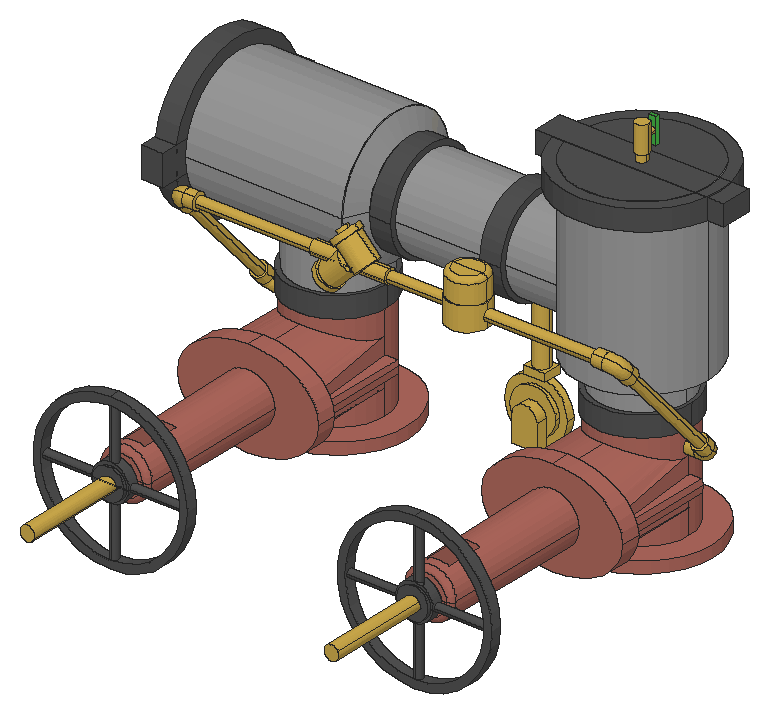
Revit family "Backflow_Preventer-RP-Zurn_Wilkins_Model_475STDAR_Flanged (4-10_inch)", category Pipe Accessories, Revit 2022
Family settings
  Round Connector Dimension = Use Radius
  Part Type = Valve - Breaks Into
  OmniClass Number = 23.65.55.14.21
  OmniClass Title = Non-Return Valves for Liquid Services
  Work Plane-Based = No
  Always vertical = Yes
  Cut with Voids When Loaded = No
  Shared = No
Parameters (values of type "8-475STDAR (8" 475STDAR)")
  Width = 1' - 0"
  URL = "www.zurn.com"
  Symbol = Symbolic diagram 475DAOSY_F : 8"
  Repair Parts URL = "https://files.zurn.com/repair-parts/475stda_475stdav_new_file.pdf"
  Relief valve = Zurn_Wilkins-Model-3707-CU-XL : 8"
  Rated Flow = 1600 GPM
  Product data URL = "https://www.bimobject.com/en/wilkins/product/zurn-475stdar"
  Product Weight (lbs) = 625
  Product Page URL = "https://www.zurn.com/products/water-control/backflow-preventers/475stdar"
  Product Installation Sheet URL = "https://files.zurn.com/care-cleaning-install-warranty-sheets/is475st-8.pdf"
  Product Documentation Link = "https://files.zurn.com/spec-sheets/bf-475stdar.pdf"
  Pressure Loss at Rated Flow = 14.50 psi
  Nominal Radius = Nominal Diameter / 2  # 0' - 4"
  Nominal Diameter = 0' - 8"
  Modified Data = "12/15/2025"  # constant formula
  Model = "475STDAR"
  Max Working Water Temperature = 140 °F
  Max Working Water Pressure = 175.00 psi
  Manufacturer Brand = "Zurn Wilkins"  # constant formula
  Manufacturer = "Zurn Water, LLC"  # constant formula
  Main Valve Body = Zurn_Wilkins_Model_475STDAR-(4-10_Inch) : 8"
  Main Material = Paint - Zurn - Stainless steel
  Length = 2' - 0"
  Inlet to relief valve center = 1' - 7 15/32"
  Hydrostatic test pressure = 350.00 psi
  Height = 1' - 0"
  Gate Valve = Gate Valve_475_OSY : 8"
  Flow Rate (GPM) = 0 GPM
  Fitting Length = 3' - 2"
  Fitting Height = 1' - 4 1/2"
  Fitting Bottom end = 2' - 0"
  Description = "Reduced Pressure Detector Assembly"  # constant formula
  DIM E - Valve top to bottom of relief valve = 2' - 6 5/8"
  DIM D - Valve center to side coupling end = 1' - 0 7/8"
  DIM C - Valve center to gate stem top = 3' - 1"
  DIM B - Overall height of the valve = 2' - 10 7/8"
  Default Elevation = 0' - 0"
  Date Created = "12/15/2025"  # constant formula
  DIM A - Inlet center to outlet center = 2' - 5"
  DA MR Length = Fitting Length + 0' 5 1/2"  # 3' - 7 1/2"
  DA MR Height = 1' - 2"
  DA Length = 1' - 0"
  Center to top of ball on top = 1' - 1 3/4"
  Center to main valve center = 0' - 1 9/16"
  Center to end for fixing gate valve = 0' - 0"
  Center to bottom coupling = 0' - 9 5/8"
  Assembly Code = "D2020300"
Reference planes (in)
  plane 1 "Center (Front/Back)": y = 0
  plane 2: z = 0
  plane 3 "Center (Left/Right)": x = 0
  plane 4 "Left Side Plane": x = -12
  plane 5 "Right side Plane": x = 12
  plane 6 "Back Plane": y = 6
  plane 7 "Front Plane": y = -6
  plane 8 "Top Plane": z = 6
  plane 9 "Bottom Plane": z = -6
  plane 10: x = -14.5
  plane 11: x = 14.5
  plane 12: z = 13.75
  plane 13: z = -21.125
  plane 14: x = 4.96875
  plane 15: z = -16.875
  plane 16: y = 8.96875
  plane 17: y = -37
  plane 18: z = -9.625
  plane 19: y = -12.875
Dimensions and locks (in)
  equal spacing: plane 5 "Right side Plane", plane 3 "Center (Left/Right)", plane 4 "Left Side Plane"
  "Length": plane 5 "Right side Plane" to plane 4 "Left Side Plane"
  equal spacing: plane 8 "Top Plane", plane 2, plane 9 "Bottom Plane"
  "Height": plane 8 "Top Plane" to plane 9 "Bottom Plane"
  equal spacing: plane 7 "Front Plane", plane 1 "Center (Front/Back)", plane 6 "Back Plane"
  "Width": plane 7 "Front Plane" to plane 6 "Back Plane"
  equal spacing: plane 11, plane 3 "Center (Left/Right)", plane 10
  "DIM A - Inlet center to outlet center": plane 11 to plane 10
  "DIM B - Overall height of the valve": plane 12 to plane 13
  "DIM E - Valve top to bottom of relief valve": plane 12 to plane 15
  "DIM C - Valve center to gate stem top": plane 17 to plane 1 "Center (Front/Back)"
  "Inlet to relief valve center": plane 10 to plane 14
  "Center to bottom coupling": plane 2 to plane 18
  "Center to top of ball on top": plane 12 to plane 2
  "DIM D - Valve center to side coupling end": plane 1 "Center (Front/Back)" to plane 19
  aligned and locked: plane 2 to level
  aligned and locked: plane 14 to nested 1
  aligned and locked: nested 1 to plane 2
  aligned and locked: plane 1 "Center (Front/Back)" to nested 1
  aligned and locked: nested 2 to plane 1 "Center (Front/Back)"
  aligned and locked: plane 13 to nested 2
  aligned and locked: nested 2 to plane 10
  aligned and locked: plane 11 to nested 3
  aligned and locked: nested 3 to plane 13
  aligned and locked: plane 1 "Center (Front/Back)" to nested 3
  aligned and locked: nested 4 to plane 3 "Center (Left/Right)"
  aligned and locked: nested 4 to level
  aligned and locked: plane 19 to nested 4
  aligned and locked: plane 2 to nested 5
  aligned and locked: plane 3 "Center (Left/Right)" to nested 5
  aligned and locked: plane 1 "Center (Front/Back)" to nested 5
  aligned and locked: nested 6 to plane 10
  aligned and locked: nested 6 to plane 18
  aligned and locked: nested 6 to plane 1 "Center (Front/Back)"
Nested families (in)
  nested 1: "Zurn_Wilkins-Model-3707-CU-XL" at (5.98462, 8.2845, -13.875), type <- "Relief valve", type "8"", detail levels fine
  nested 2: "Gate Valve_475_OSY" at (-14.5, 0, -15.375) x (0, 0, 1) z (0, -1, 0), type <- "Gate Valve", type "8""
    with Housing Top Radius 0' - 2 3/8", Housing Bottom Radius 0' - 2 1/2", Horizontal Flange Thickness 0' - 1 13/16", Horizontal Flange Height 0' - 10 11/16", Cover Diameter 0' - 6 1/4", Body Radius 0' - 4 1/2", Body Diameter 0' - 9"
  nested 3: "Gate Valve_475_OSY" at (14.5, 0, -15.375) x (0, 0, 1) z (0, -1, 0), type <- "Gate Valve", type "8""
    with Housing Top Radius 0' - 2 3/8", Housing Bottom Radius 0' - 2 1/2", Horizontal Flange Thickness 0' - 1 13/16", Horizontal Flange Height 0' - 10 11/16", Cover Diameter 0' - 6 1/4", Body Radius 0' - 4 1/2", Body Diameter 0' - 9"
  nested 4: "475STDA Bypass" at (2.01587, -18.39999, 0), DA length <- "Fitting Length", Pipe Fitting Bottom Width <- "Fitting Bottom end", Pipe fitting Height <- "Fitting Height", MR Height <- "DA MR Height", MR Length <- "DA MR Length", type "DA Bypass"
    with Pipe fitting length 3' - 6", Pipe fitting Height 1' - 4 1/2", Pipe Fitting Bottom Width 2' - 0", MR Length 3' - 7 1/2", MR Height 1' - 2", DA length 3' - 2"
  nested 5: "Symbolic diagram 475DAOSY_F" at (0, 0, 0), type <- "Symbol", type "8""
    with Product Install & Maintenance Sheet URL ""
  nested 6: "Zurn_Wilkins_Model_475STDAR-(4-10_Inch)" at (14.5, 0, -9.625) x (-1, 0, 0) z (0, 0, 1), type <- "Main Valve Body", type "8""
    with Product Install & Maintenance Sheet URL ""
Connectors (in)
  piping at (-14.5, 0, -21.125), diameter 8, driven by "Nominal Radius"
    settings: on nested 2, index 1, connector inside diameter 24", connector length 0' - 0", flow factor 0, pipe flow 0 GPM, pressure drop 0.00 psi, fitting loss kfactor 0, connector angle 0.00°, fixture units 0, engagement length 0' - 0", angle of deflection 0.00°, flow configuration 0, flow direction 1, fitting loss method 0, system type 29, joint type 0, gender type 0, connector reference index 2, connector utility 0, adjustable connector no, is connector primary yes, connector description "Inlet"
  piping at (14.5, 0, -21.125), diameter 8, driven by "Nominal Radius"
    settings: on nested 3, index 2, connector inside diameter 24", connector length 0' - 0", flow factor 0, pipe flow 0 GPM, pressure drop 0.00 psi, fitting loss kfactor 0, connector angle 0.00°, fixture units 0, engagement length 0' - 0", angle of deflection 0.00°, flow configuration 0, flow direction 2, fitting loss method 0, system type 29, joint type 0, gender type 0, connector reference index 1, connector utility 0, adjustable connector no, is connector primary no, connector description "Outlet"
Definition of nested family "Zurn_Wilkins-Model-3707-CU-XL"
  Parameters (values of type "8"")
    Valve position = 1' - 6 5/16"
    Weight = "5 lbs."
    Valve center to relief valve bottom = 1' - 4 7/8"
    Test Cock Position = 0' - 6 1/4"
    Pipe Sweep Length = 1' - 2 11/32"
    Top Pipe Position = 0' - 11 31/32"
    Pipe2 Position = 0' - 10 7/8"
    Pipe1 Position = 0' - 5 15/32"
    Model = "3707-CU-XL"
    Loss Method = (empty or 0)
    Left Pipe Length = 0' - 6"
    Flange Thickness = 0' - 1 1/4"
    Flange Radius = Pipe Size + 0' 1"  # 0' - 3"
    Right Flange Radius = 0' - 4 1/32"
    Right Flange Positon = 0' - 6 3/32"
    Right Body Position = 0' - 4 1/2"
    Description = "Relief Valve"
    Default Elevation = 0' - 0"
    Center Plane Left = 0' - 8 31/32"
    Center Plan Right = 0' - 8 15/16"
    Valve connection Position = 0' - 1"
    Right Body Radius = 0' - 4 1/4"
    Assembly Code = ""
    Pipe Size = 0' - 2"
    Larger Radius = Body Radius * 1.6  # 0' - 2.4"
    Body Radius = (Pipe Size / 2) + 0' 0 1/2"  # 0' - 1 1/2"
    Right Body Length = 1' - 1 77/256"
  Types (4): name | Valve center to relief valve bottom
    10 | 1' - 5"
    8" | 1' - 4 7/8"
    6" | 1' - 0 9/16"
    4" | 0' - 11 1/8"
  Reference planes (in)
    plane 1 "Center (Front/Back)": y = -8.2845
    plane 2: z = 0
    plane 3: y = -5.8845
    plane 4: y = -10.6845
    plane 5: x = 8.14038
    plane 6: x = -10.17212
    plane 7: x = -1.01587
    plane 8 "Back Plane": y = 0.59737
    plane 9: through (6.67018, -180, 20.32559) normal (0.7071, 0, -0.7071)
    plane 10: through (17.19592, -180, 18.2118) normal (0.7071, 0, -0.7071)
    plane 11: through (3.83807, -180, 7.82979) normal (0.7071, 0, 0.7071)
    plane 12: through (-7.61286, -180, 6.59699) normal (0.7071, 0, 0.7071)
    plane 13: z = -1
    plane 14: y = -7.847
    plane 15: y = -6.67512
    plane 16: y = -8.98848
    plane 17: y = -9.37069
    plane 18: y = -10.35695
    plane 19: y = -7.47808
    plane 20: y = -9.20892
    plane 21: z = 3.53175
    plane 22: z = 13.875
    plane 23: z = -2.67624
    plane 24: z = -3
  Forms (in)
    Extrusion 1, solid, detail levels fine
      sketch origin (0.26238, -8.2845, -4.27255) x (1, 0, 0) y (0, 0, 1)
        loop
          line (-2.27826, 7.8043) -> (-2.27826, 7.0438) -> (-0.27826, 7.0438) -> (-0.27826, 7.8043) -> (-2.27826, 7.8043)
      from -0.80642 to 0.92443
    Extrusion 2, solid, detail levels fine
      sketch origin (-0.00029, -8.2845, -0.00089) x (1, 0, 0) y (0, 0, 1)
        loop
          arc (0.18655, -0.22415) -> (-1.01558, 0.97798) -> (-2.21771, -0.22415) r 1.20213
          line (-2.21771, -0.22415) -> (-2.21771, -2.67535) -> (0.18655, -2.67535) -> (0.18655, -0.22415)
      from 1.08619 to 2.07246
    Extrusion 3, solid, detail levels fine
      sketch origin (-0.00029, -8.2845, -0.00089) x (1, 0, 0) y (0, 0, 1)
        loop
          circle (-1.01558, 0.00089) r 3
      from 0 to 0.70398
    Extrusion 4, solid, detail levels fine
      sketch origin (-0.00029, -8.2845, -0.00089) x (1, 0, 0) y (0, 0, 1)
        loop
          circle (-1.01558, 0.00089) r 2.18
      from 0.70398 to 1.08619
    Extrusion 5, solid, detail levels fine
      sketch origin (0.347, 0.59737, 0.06309) x (-1, 0, 0) y (0, 0, 1)
        loop
          circle (1.36287, -0.06309) r 2.25
      from -8.88186 to -8.44436
    Extrusion 6, solid, detail levels fine
      sketch origin (0.347, 0.59737, 0.06309) x (-1, 0, 0) y (0, 0, 1)
        loop
          circle (1.36287, -0.06309) r 1.0625
      from -8.44436 to -7.27249
    Extrusion 7, solid, detail levels fine
      sketch origin (0, 0, 0) x (1, 0, 0) y (0, 1, 0)
        loop
          circle (-1.01587, -8.2845) r 0.75
      from 3.53175 to 13.875
  Dimensions and locks (in)
    "Larger Radius": plane 3 to plane 1 "Center (Front/Back)"
    "Larger Radius": plane 4 to plane 1 "Center (Front/Back)"
    equal spacing: plane 5, plane 7, plane 6
    "Valve position": plane 5 to plane 6
    "Center Plan Right": plane 10 to plane 9
    "Center Plane Left": plane 11 to plane 12
    "Valve connection Position": level to plane 13
    locked: plane 8 "Back Plane" to plane 1 "Center (Front/Back)" at 8.88186
    locked: Extrusion 1 sketch curve to Extrusion 1 sketch curve at 0.7605
    locked: Extrusion 2 sketch curve to Extrusion 2 sketch curve at 2.40425
    locked: Extrusion 1 to Extrusion 2 sketch curve at 5.44749
    locked: plane 7 to Extrusion 3 sketch curve at 0
    locked: plane 2 to Extrusion 3 sketch curve
    locked: plane 7 to Extrusion 4 sketch curve at 0
    locked: plane 2 to Extrusion 4 sketch curve
    locked: plane 7 to Extrusion 2 sketch curve
    plane 7 to Extrusion 1 sketch curve = 0' - 1"  (x2)
    locked: plane 7 to Extrusion 5 sketch curve at 0
    locked: Extrusion 5 sketch curve to plane 2
    locked: plane 14 to plane 1 "Center (Front/Back)" at 0.4375
    locked: Extrusion 6 sketch curve to plane 7 at 0
    locked: Extrusion 6 sketch curve to plane 2 at 0
    locked: plane 15 to plane 14 at 1.17188
    plane 1 "Center (Front/Back)" to plane 16 = 0' - 0.70398"
    locked: plane 16 to plane 17 at 0.38221
    locked: plane 17 to plane 18 at 0.98626
    locked: plane 19 to plane 20 at 1.73084
    locked: plane 2 to plane 21 at 3.53175
    locked: plane 2 to Extrusion 2 sketch curve at 0.22504
    locked: level to plane 23 at 2.67624
    locked: level to plane 24 at 3
    "Valve center to relief valve bottom": plane 22 to plane 24
    radius of Extrusion 4 sketch curve = 0' - 2.18"
    radius of Extrusion 2 sketch curve = 0' - 1.20213"
    radius of Extrusion 5 sketch curve = 0' - 2 1/4"
    radius of Extrusion 6 sketch curve = 0' - 1 1/16"
    diameter of Extrusion 7 sketch curve = 0' - 1 1/2"
    aligned and locked: Extrusion 4 to Extrusion 3
    aligned and locked: Extrusion 2 to Extrusion 4
    aligned and locked: plane 1 "Center (Front/Back)" to Extrusion 5
    aligned and locked: plane 14 to Extrusion 5
    aligned and locked: plane 14 to Extrusion 6
    aligned and locked: plane 15 to Extrusion 6
    aligned and locked: plane 16 to Extrusion 3
    aligned and locked: plane 17 to Extrusion 4
    aligned and locked: plane 18 to Extrusion 2
    aligned and locked: plane 19 to Extrusion 1
    aligned and locked: plane 20 to Extrusion 1
    aligned and locked: plane 21 to Extrusion 1
    aligned and locked: plane 7 to Extrusion 7 sketch curve
    aligned and locked: plane 1 "Center (Front/Back)" to Extrusion 7 sketch curve
    aligned and locked: Extrusion 7 to Extrusion 1
    aligned and locked: Extrusion 7 to plane 22
  Automatic sketch dimensions
    Extrusion 1 sketch curve to plane 21 = 0' - 0"
    radius of Extrusion 3 sketch curve = 0' - 3"
Definition of nested family "Gate Valve_475_OSY"
  Parameters (values of type "8"")
    URL = "http://www.zurn.com/operations/wilkins/pdfs/specsheets/GV-48WILKINS.pdf"
    Symbol Width = 0.5 * Body Length * tan(30.00°)  # 0' - 3.31976"
    Spoke Width = Hand Wheel Radius - 0' 0 3/4"  # 0' - 6 5/8"
    Screw dia = 0' - 0 11/16"
    Pipe Size = 0' - 8"
    Pipe Radius = 0' - 4"
    Open Height = 3' - 1"
    OSY = yes
    Model = "48"
    Masking Length = 1' - 8"
    Manufacturer = "Zurn Wilkins"
    Loss Method = (empty or 0)
    Housing Top Radius [instance] = Housing Bottom Radius - 0' 0 1/8"  # 0' - 2 3/8"
    Housing Bottom Radius [instance] = if(Hand Wheel Diameter > 0' 11", 0' 2 1/2", 0' 1 13/16")  # 0' - 2 1/2"
    Horizontal Flange Thickness [instance] = ((Flange Thickness * 0.75) * 2) + 0' 0 1/8"  # 0' - 1 13/16"
    Horizontal Flange Height [instance] = (Flange Diameter / 2) + ((Flange Thickness * 2) * 1.75)  # 0' - 10 11/16"
    Handle Height = 0' - 1.59777"
    Hand Wheel Height = Open Height / 2  # 1' - 6 1/2"
    Hand Wheel Radius = Hand Wheel Diameter / 2  # 0' - 7 3/8"
    Hand Wheel Diameter = 1' - 2 3/4"
    Flange Thickness = 0' - 1 1/8"
    Flange Radius = Flange Diameter / 2  # 0' - 6 3/4"
    Flange Diameter = 1' - 1 1/2"
    Description = "Gate Valve"
    Default Elevation = 0' - 0"
    Cover Diameter [instance] = (Flange Diameter / 2) - 0' 0 1/2"  # 0' - 6 1/4"
    Closed Height = 2' - 4 1/2"
    Body Radius [instance] = (Pipe Size / 2) + 0' 0 1/2"  # 0' - 4 1/2"
    Body Length = 0' - 11 1/2"
    Body Diameter [instance] = Body Radius * 2  # 0' - 9"
    Ball Valve Radius = 0' - 1"
    Ball Valve Length = 0' - 11"
    Assembly Code = "D2090800"
  Types (4): name | Symbol Width | Spoke Width | Pipe Size | Pipe Radius | Open Height | Masking Length | Housing Top Radius | Housing Bottom Radius | Horizontal Flange Thickness | Horizontal Flange Height | Hand Wheel Height | Hand Wheel Radius | Hand Wheel Diameter | Flange Thickness | Flange Radius | Flange Diameter | Cover Diameter | Closed Height | Body Radius | Body Length | Body Diameter | Ball Valve Length
    10" | 0' - 3.75278" | 0' - 7 7/16" | 0' - 10" | 0' - 5" | 3' - 9 5/8" | 1' - 8" | 0' - 2 3/8" | 0' - 2 1/2" | 0' - 1 29/32" | 1' - 0 5/32" | 1' - 10 13/16" | 0' - 8 3/16" | 1' - 4 3/8" | 0' - 1 3/16" | 0' - 8" | 1' - 4" | 0' - 7 1/2" | 2' - 10 3/4" | 0' - 5 1/2" | 1' - 1" | 0' - 11" | 1' - 0"
    8" | 0' - 3.31976" | 0' - 6 5/8" | 0' - 8" | 0' - 4" | 3' - 1" | 1' - 8" | 0' - 2 3/8" | 0' - 2 1/2" | 0' - 1 13/16" | 0' - 10 11/16" | 1' - 6 1/2" | 0' - 7 3/8" | 1' - 2 3/4" | 0' - 1 1/8" | 0' - 6 3/4" | 1' - 1 1/2" | 0' - 6 1/4" | 2' - 4 1/2" | 0' - 4 1/2" | 0' - 11 1/2" | 0' - 9" | 0' - 11"
    6" | 0' - 3.03109" | 0' - 5 1/2" | 0' - 6" | 0' - 3" | 2' - 6 1/2" | 1' - 0 1/2" | 0' - 2 3/8" | 0' - 2 1/2" | 0' - 1 5/8" | 0' - 9" | 1' - 3 1/4" | 0' - 6 1/4" | 1' - 0 1/2" | 0' - 1" | 0' - 5 1/2" | 0' - 11" | 0' - 5" | 2' - 0 1/4" | 0' - 3 1/2" | 0' - 10 1/2" | 0' - 7" | 0' - 10"
    4" | 0' - 2.59808" | 0' - 4 3/8" | 0' - 4" | 0' - 2" | 1' - 10 1/2" | 0' - 10 1/2" | 0' - 1 11/16" | 0' - 1 13/16" | 0' - 1 17/32" | 0' - 7 25/32" | 0' - 11 1/4" | 0' - 5 1/8" | 0' - 10 1/4" | 0' - 0 15/16" | 0' - 4 1/2" | 0' - 9" | 0' - 4" | 1' - 6 1/4" | 0' - 2 1/2" | 0' - 9" | 0' - 5" | 0' - 8"
  Reference planes (in)
    plane 1 "Center (Front/Back)": y = 0
    plane 2: z = 0
    plane 3 "Center (Left/Right)": x = 0
    plane 4 "Left": x = -5.75
    plane 5 "Right": x = 5.75
    plane 6: z = 37
    plane 7 "Flange Left": x = -4.625
    plane 8 "Flange Right": x = 4.625
    plane 9 "Horizontal Flange": z = 10.6875
    plane 10 "Tap Left": x = -3.375
    plane 11 "Tap Right": x = 3.375
    plane 12 "Horizontal Flange Bottom": z = 8.875
    plane 13: y = 6.75
    plane 14: y = -6.75
    plane 15: z = 13
    plane 16: y = 5.75
    plane 17: y = -5.75
    plane 18: x = -3.625
    plane 19: x = 3.625
    plane 20: y = 5.25
    plane 21: y = -5.25
    plane 22: x = -3.125
    plane 23: x = 3.125
    plane 24: y = 3.125
    plane 25: y = -3.125
    plane 26: y = 2.375
    plane 27: y = -2.375
    plane 28: y = 4.5
    plane 29: y = -4.5
    plane 30: z = 6.75
    plane 31: y = 4.75
    plane 32: y = -4.75
    plane 33: x = 6.875
    plane 34: x = -6.875
    plane 35: y = 3.31976
    plane 36: y = -3.31976
    plane 37: z = 26.625
    plane 38: z = 25.625
    plane 39: z = 24.25
    plane 40: z = 20.625
    plane 41: z = -1.875
    plane 42: y = -11
    plane 43: z = -1
    plane 44: y = 10
    plane 45: y = -10
  Forms (in)
    Extrusion 1, solid, detail levels fine
      sketch origin (0, 0, 0) x (0, 1, 0) y (0, 0, 1)
        loop
          circle (0, 0) r 4.5
      from -4.625 to 4.625
    Extrusion 2, solid, detail levels fine
      sketch origin (-4.625, 0, 0) x (0, 0, 1) y (0, -1, 0)
        loop
          circle (0, 0) r 6.75
      from 0 to -1.125
    Extrusion 3, solid, detail levels fine
      sketch origin (4.25, 0, 0) x (0, 0, 1) y (0, -1, 0)
        loop
          circle (0, 0) r 4.5
      from 0.375 to 1.5
    Extrusion 4, solid, detail levels fine
      sketch origin (0, 0, 10.6875) x (-1, 0, 0) y (0, -1, 0)
        loop
          spline (0, -6.75) -> (0.60368, -6.69225) -> (1.19704, -6.52) -> (1.76991, -6.23619) -> (2.3125, -5.84567) -> (2.81552, -5.35514) -> (3.27037, -4.77297) -> (3.66926, -4.10914) -> (4.00537, -3.375) -> (4.27294, -2.58311) -> (4.46741, -1.74703) -> (4.58543, -0.88105) -> (4.625, 0)
          spline (4.625, 0) -> (4.58543, 0.88105) -> (4.46741, 1.74703) -> (4.27294, 2.58311) -> (4.00537, 3.375) -> (3.66926, 4.10914) -> (3.27037, 4.77297) -> (2.81552, 5.35514) -> (2.3125, 5.84567) -> (1.76991, 6.23619) -> (1.19704, 6.52) -> (0.60368, 6.69225) -> (0, 6.75)
          spline (0, 6.75) -> (-0.60368, 6.69225) -> (-1.19704, 6.52) -> (-1.76991, 6.23619) -> (-2.3125, 5.84567) -> (-2.81552, 5.35514) -> (-3.27037, 4.77297) -> (-3.66926, 4.10914) -> (-4.00537, 3.375) -> (-4.27294, 2.58311) -> (-4.46741, 1.74703) -> (-4.58543, 0.88105) -> (-4.625, 0)
          spline (-4.625, 0) -> (-4.58543, -0.88105) -> (-4.46741, -1.74703) -> (-4.27294, -2.58311) -> (-4.00537, -3.375) -> (-3.66926, -4.10914) -> (-3.27037, -4.77297) -> (-2.81552, -5.35514) -> (-2.3125, -5.84567) -> (-1.76991, -6.23619) -> (-1.19704, -6.52) -> (-0.60368, -6.69225) -> (0, -6.75)
      from -1.8125 to 0
    Blend 5, solid, detail levels fine
      base sketch origin (0, 0, 0) x (1, 0, 0) y (0, 1, 0)
        loop
          line (0.625, 4.5) -> (0.625, 5.66601)
          spline (0.625, 5.66601) -> (0.57336, 5.67939) -> (0.52161, 5.69163) -> (0.46975, 5.7027) -> (0.4178, 5.71262) -> (0.36576, 5.72137) -> (0.31365, 5.72896) -> (0.26147, 5.73539) -> (0.20924, 5.74065) -> (0.15697, 5.74474) -> (0.10466, 5.74766) -> (0.05234, 5.74942) -> (0, 5.75)
          spline (0, 5.75) -> (-0.05234, 5.74942) -> (-0.10466, 5.74766) -> (-0.15697, 5.74474) -> (-0.20924, 5.74065) -> (-0.26147, 5.73539) -> (-0.31365, 5.72896) -> (-0.36576, 5.72137) -> (-0.4178, 5.71262) -> (-0.46975, 5.7027) -> (-0.52161, 5.69163) -> (-0.57336, 5.67939) -> (-0.625, 5.66601)
          line (-0.625, 5.66601) -> (-0.625, 4.5) -> (-2.25661, 4.5)
          spline (-2.25661, 4.5) -> (-2.46259, 4.21952) -> (-2.65475, 3.91537) -> (-2.83202, 3.58927) -> (-2.99342, 3.24304) -> (-3.13802, 2.87862) -> (-3.26503, 2.49806) -> (-3.37373, 2.10349) -> (-3.46351, 1.69713) -> (-3.53386, 1.28124) -> (-3.5844, 0.85818) -> (-3.61484, 0.43029) -> (-3.625, 0)
          spline (-3.625, 0) -> (-3.61484, -0.43029) -> (-3.5844, -0.85818) -> (-3.53386, -1.28124) -> (-3.46351, -1.69713) -> (-3.37373, -2.10349) -> (-3.26503, -2.49806) -> (-3.13802, -2.87862) -> (-2.99342, -3.24304) -> (-2.83202, -3.58927) -> (-2.65475, -3.91537) -> (-2.46259, -4.21952) -> (-2.25661, -4.5)
          line (-2.25661, -4.5) -> (-0.625, -4.5) -> (-0.625, -5.66601)
          spline (-0.625, -5.66601) -> (-0.57336, -5.67939) -> (-0.52161, -5.69163) -> (-0.46975, -5.7027) -> (-0.4178, -5.71262) -> (-0.36576, -5.72137) -> (-0.31365, -5.72896) -> (-0.26147, -5.73539) -> (-0.20924, -5.74065) -> (-0.15697, -5.74474) -> (-0.10466, -5.74766) -> (-0.05234, -5.74942) -> (0, -5.75)
          spline (0, -5.75) -> (0.05234, -5.74942) -> (0.10466, -5.74766) -> (0.15697, -5.74474) -> (0.20924, -5.74065) -> (0.26147, -5.73539) -> (0.31365, -5.72896) -> (0.36576, -5.72137) -> (0.4178, -5.71262) -> (0.46975, -5.7027) -> (0.52161, -5.69163) -> (0.57336, -5.67939) -> (0.625, -5.66601)
          line (0.625, -5.66601) -> (0.625, -4.5) -> (2.25661, -4.5)
          spline (2.25661, -4.5) -> (2.46259, -4.21952) -> (2.65475, -3.91537) -> (2.83202, -3.58927) -> (2.99342, -3.24304) -> (3.13802, -2.87862) -> (3.26503, -2.49806) -> (3.37373, -2.10349) -> (3.46351, -1.69713) -> (3.53386, -1.28124) -> (3.5844, -0.85818) -> (3.61484, -0.43029) -> (3.625, 0)
          spline (3.625, 0) -> (3.61484, 0.43029) -> (3.5844, 0.85818) -> (3.53386, 1.28124) -> (3.46351, 1.69713) -> (3.37373, 2.10349) -> (3.26503, 2.49806) -> (3.13802, 2.87862) -> (2.99342, 3.24304) -> (2.83202, 3.58927) -> (2.65475, 3.91537) -> (2.46259, 4.21952) -> (2.25661, 4.5)
          line (2.25661, 4.5) -> (0.625, 4.5)
      top sketch origin (0, 0, 0) x (1, 0, 0) y (0, 1, 0)
        loop
          line (0.625, 5.25) -> (0.625, 5.66601)
          spline (0.625, 5.66601) -> (0.57336, 5.67939) -> (0.52161, 5.69163) -> (0.46975, 5.7027) -> (0.4178, 5.71262) -> (0.36576, 5.72137) -> (0.31365, 5.72896) -> (0.26147, 5.73539) -> (0.20924, 5.74065) -> (0.15697, 5.74474) -> (0.10466, 5.74766) -> (0.05234, 5.74942) -> (0, 5.75)
          spline (0, 5.75) -> (-0.05234, 5.74942) -> (-0.10466, 5.74766) -> (-0.15697, 5.74474) -> (-0.20924, 5.74065) -> (-0.26147, 5.73539) -> (-0.31365, 5.72896) -> (-0.36576, 5.72137) -> (-0.4178, 5.71262) -> (-0.46975, 5.7027) -> (-0.52161, 5.69163) -> (-0.57336, 5.67939) -> (-0.625, 5.66601)
          line (-0.625, 5.66601) -> (-0.625, 5.25) -> (-1.4785, 5.25)
          spline (-1.4785, 5.25) -> (-1.7886, 5.00134) -> (-2.08226, 4.70673) -> (-2.3568, 4.36888) -> (-2.60967, 3.99089) -> (-2.83858, 3.57622) -> (-3.0414, 3.1287) -> (-3.21627, 2.65244) -> (-3.3616, 2.1518) -> (-3.47604, 1.63139) -> (-3.55854, 1.09599) -> (-3.60835, 0.55053) -> (-3.625, 0)
          spline (-3.625, 0) -> (-3.60835, -0.55053) -> (-3.55854, -1.09599) -> (-3.47604, -1.63139) -> (-3.3616, -2.1518) -> (-3.21627, -2.65244) -> (-3.0414, -3.1287) -> (-2.83858, -3.57622) -> (-2.60967, -3.99089) -> (-2.3568, -4.36888) -> (-2.08226, -4.70673) -> (-1.7886, -5.00134) -> (-1.4785, -5.25)
          line (-1.4785, -5.25) -> (-0.625, -5.25) -> (-0.625, -5.66601)
          spline (-0.625, -5.66601) -> (-0.57336, -5.67939) -> (-0.52161, -5.69163) -> (-0.46975, -5.7027) -> (-0.4178, -5.71262) -> (-0.36576, -5.72137) -> (-0.31365, -5.72896) -> (-0.26147, -5.73539) -> (-0.20924, -5.74065) -> (-0.15697, -5.74474) -> (-0.10466, -5.74766) -> (-0.05234, -5.74942) -> (0, -5.75)
          spline (0, -5.75) -> (0.05234, -5.74942) -> (0.10466, -5.74766) -> (0.15697, -5.74474) -> (0.20924, -5.74065) -> (0.26147, -5.73539) -> (0.31365, -5.72896) -> (0.36576, -5.72137) -> (0.4178, -5.71262) -> (0.46975, -5.7027) -> (0.52161, -5.69163) -> (0.57336, -5.67939) -> (0.625, -5.66601)
          line (0.625, -5.66601) -> (0.625, -5.25) -> (1.4785, -5.25)
          spline (1.4785, -5.25) -> (1.7886, -5.00134) -> (2.08226, -4.70673) -> (2.3568, -4.36888) -> (2.60967, -3.99089) -> (2.83858, -3.57622) -> (3.0414, -3.1287) -> (3.21627, -2.65244) -> (3.3616, -2.1518) -> (3.47604, -1.63139) -> (3.55854, -1.09599) -> (3.60835, -0.55053) -> (3.625, 0)
          spline (3.625, 0) -> (3.60835, 0.55053) -> (3.55854, 1.09599) -> (3.47604, 1.63139) -> (3.3616, 2.1518) -> (3.21627, 2.65244) -> (3.0414, 3.1287) -> (2.83858, 3.57622) -> (2.60967, 3.99089) -> (2.3568, 4.36888) -> (2.08226, 4.70673) -> (1.7886, 5.00134) -> (1.4785, 5.25)
          line (1.4785, 5.25) -> (0.625, 5.25)
      from 0 to 8.875
    Extrusion 6, solid, detail levels fine
      sketch origin (-0.03217, 0, 0) x (0.434027, 0.9009, 0) y (-0.9009, 0.434027, 0)
        loop
          circle (0.01396, -0.02898) r 0.6875
      from 0 to 37
    Revolve 7, solid, visible <- "OSY", detail levels fine
      sketch origin (-0.03217, 0, 0) x (0, 1, 0) y (0, 0, 1)
        loop
          line (0, 10.6875) -> (2.5, 10.6875) -> (2.375, 25.13597)
          arc (2.375, 25.13597) -> (2.22477, 25.48241) -> (1.87512, 25.625) r 0.5
          line (1.87512, 25.625) -> (0, 25.625) -> (0, 10.6875)
        axis (0, 10.6875) -> (0, 25.625)
      angle from 0 to 360
    Extrusion 8, void
      sketch origin (-0.03217, 0, 0) x (0, 1, 0) y (0, 0, 1)
        loop
          line (0.9996, 24.25) -> (-1.00282, 24.25) -> (-1.00282, 20.625) -> (0.9996, 20.625) -> (0.9996, 24.25)
      from -3 to 3
    Extrusion 9, solid, detail levels fine
      sketch origin (0, 0, 26.625) x (-1, 0, 0) y (0, -1, 0)
        loop
          circle (0, 0) r 1.5
      from -0.75 to 0.75
    Extrusion 10, solid, detail levels fine
      sketch origin (0, 0, 26.625) x (-1, 0, 0) y (0, -1, 0)
        loop
          circle (0, 0) r 7.375
        loop
          circle (0, 0) r 6.625
        loop
          circle (0, 0) r 1.75
      from -0.5 to 0.5
    Revolve 11, solid, detail levels fine
      sketch origin (0, 0, 0) x (1, 0, 0) y (0, 0, 1)
        loop
          line (-6.625, 27) -> (-6.625, 26.625) -> (6.625, 26.625) -> (6.625, 27) -> (-6.625, 27)
        axis (-6.625, 26.625) -> (6.625, 26.625)
      angle from 0 to 360
    Revolve 12, solid, detail levels fine
      sketch origin (0, 0, 0) x (0, 1, 0) y (0, 0, 1)
        loop
          line (6.625, 26.625) -> (6.625, 27) -> (-6.625, 27) -> (-6.625, 26.625) -> (6.625, 26.625)
        axis (6.625, 26.625) -> (-6.625, 26.625)
      angle from 0 to 360
  Cuts and joins
    Extrusion 8 cuts Revolve 7
  Lines and regions (in)
    Masking region 1, detail levels fine
      outline origin (0, 0, 0.84375) x (0, 1, 0) y (0, 0, 1)
        loop
          line (7.375, 26.87902) -> (0.6875, 26.87902) -> (0.6875, 36.15625) -> (-0.6875, 36.15625) -> (-0.6875, 26.87902) -> (-7.375, 26.87902) -> (-7.375, 25.28125) -> (-2.5, 25.28125) -> (-2.5, 9.84375) -> (-6.75, 9.84375) -> (-6.75, 8.03125) -> (-5.75, 8.03125) -> (-5.75, 2.69178)
          arc (-5.75, 2.69178) -> (0, -7.59375) -> (5.75, 2.69178) r 6.75
          line (5.75, 2.69178) -> (5.75, 8.03125) -> (6.75, 8.03125) -> (6.75, 9.84375) -> (2.5, 9.84375) -> (2.5, 25.28125) -> (7.375, 25.28125) -> (7.375, 26.87902)
    symbolic lines, detail levels fine
      curve 1: line (-5.75, 6.75, 8.875) -> (-4.625, 6.75, 8.875)
      curve 2: line (-5.75, -6.75, 8.875) -> (-5.75, 6.75, 8.875)
      curve 3: line (-4.625, -6.75, 8.875) -> (-5.75, -6.75, 8.875)
      curve 4: line (-4.625, 6.75, 8.875) -> (-4.625, -6.75, 8.875)
  Dimensions and locks (in)
    "Open Height": plane 6 to plane 2
    equal spacing: plane 5 "Right", plane 3 "Center (Left/Right)", plane 4 "Left"
    "Body Length": plane 5 "Right" to plane 4 "Left"
    "Flange Thickness": plane 7 "Flange Left" to plane 4 "Left"
    "Flange Thickness": plane 5 "Right" to plane 8 "Flange Right"
    locked: plane 10 "Tap Left" to plane 7 "Flange Left" at 1.25
    locked: plane 11 "Tap Right" to plane 8 "Flange Right" at 1.25
    "Horizontal Flange Height": plane 9 "Horizontal Flange" to plane 2
    "Horizontal Flange Thickness": plane 9 "Horizontal Flange" to plane 12 "Horizontal Flange Bottom"
    equal spacing: plane 13, plane 1 "Center (Front/Back)", plane 14
    "Flange Diameter": plane 13 to plane 14
    locked: plane 13 to plane 16 at 1
    locked: plane 17 to plane 14 at 1
    locked: plane 7 "Flange Left" to plane 18 at 1
    locked: plane 19 to plane 8 "Flange Right" at 1
    locked: plane 16 to plane 20 at 0.5
    locked: plane 21 to plane 17 at 0.5
    locked: plane 18 to plane 22 at 0.5
    locked: plane 23 to plane 19 at 0.5
    locked: plane 24 to plane 26 at 0.75
    locked: plane 27 to plane 25 at 0.75
    "Cover Diameter": plane 24 to plane 25
    equal spacing: plane 24, plane 1 "Center (Front/Back)", plane 25
    equal spacing: plane 28, plane 1 "Center (Front/Back)", plane 29
    "Body Diameter": plane 28 to plane 29
    "Flange Radius": plane 30 to plane 2
    locked: plane 31 to plane 28 at 0.25
    locked: plane 29 to plane 32 at 0.25
    "Flange Thickness": plane 33 to plane 5 "Right"
    "Flange Thickness": plane 4 "Left" to plane 34
    "Symbol Width": plane 1 "Center (Front/Back)" to plane 35
    "Symbol Width": plane 1 "Center (Front/Back)" to plane 36
    locked: plane 37 to plane 38 at 1
    locked: plane 38 to plane 39 at 1.375
    locked: plane 39 to plane 40 at 3.625
    Extrusion 8 sketch curve to plane 1 "Center (Front/Back)" to Extrusion 8 sketch curve = 0' - 1.00282" locked, 0' - 0.9996" locked
    "Housing Top Radius": Revolve 7 sketch curve to Revolve 7 sketch curve
    "Housing Bottom Radius": Revolve 7 sketch curve to Revolve 7 sketch curve
    "Closed Height": plane 37 to plane 41
    locked: plane 2 to plane 41 at 1.875
    Revolve 11 sketch curve to Revolve 11 sketch curve = 0' - 0 3/8"
    equal spacing: Revolve 11 sketch curve, plane 3 "Center (Left/Right)", Revolve 11 sketch curve
    "Spoke Width": plane 3 "Center (Left/Right)" to Revolve 11 sketch curve
    equal spacing: Revolve 12 sketch curve, plane 1 "Center (Front/Back)", Revolve 12 sketch curve
    "Spoke Width": Revolve 12 sketch curve to plane 1 "Center (Front/Back)"
    locked: Revolve 12 sketch curve to Revolve 12 sketch curve at 0.375
    Extrusion 9 to plane 37 to Extrusion 9 = 0' - 0 3/4" locked, 0' - 0 3/4" locked
    Extrusion 10 to plane 37 to Extrusion 10 = 0' - 0 1/2" locked, 0' - 0 1/2" locked
    locked: plane 1 "Center (Front/Back)" to Extrusion 1 sketch curve
    locked: level to Extrusion 1 sketch curve
    locked: Extrusion 2 sketch curve to plane 1 "Center (Front/Back)"
    locked: level to Extrusion 2 sketch curve
    locked: plane 1 "Center (Front/Back)" to Extrusion 3 sketch curve
    locked: level to Extrusion 3 sketch curve
    locked: Extrusion 6 sketch curve to plane 3 "Center (Left/Right)"
    locked: plane 1 "Center (Front/Back)" to Extrusion 6 sketch curve
    locked: plane 3 "Center (Left/Right)" to Extrusion 9 sketch curve
    locked: plane 1 "Center (Front/Back)" to Extrusion 9 sketch curve
    locked: plane 1 "Center (Front/Back)" to Extrusion 10 sketch curve  (x3)
    locked: plane 3 "Center (Left/Right)" to Extrusion 10 sketch curve  (x3)
    "Ball Valve Length": plane 42 to plane 1 "Center (Front/Back)"
    "Ball Valve Radius": level to plane 43
    equal spacing: plane 44, plane 1 "Center (Front/Back)", plane 45
    "Masking Length": plane 44 to plane 45
    equal spacing: Masking region 1 sketch curve, plane 1 "Center (Front/Back)", Masking region 1 sketch curve  (x3)
    "Hand Wheel Diameter": Masking region 1 sketch curve to Masking region 1 sketch curve
    "Housing Bottom Radius": Masking region 1 sketch curve to plane 1 "Center (Front/Back)"
    "Handle Height": Extrusion 10 to Masking region 1 sketch curve
    "Screw dia": Masking region 1 sketch curve to plane 1 "Center (Front/Back)"
    "Body Radius": radius of Extrusion 1 sketch curve
    "Flange Radius": radius of Extrusion 2 sketch curve
    "Body Radius": radius of Extrusion 3 sketch curve
    "Hand Wheel Radius": radius of Extrusion 10 sketch curve
    radius of Extrusion 10 sketch curve = 0' - 1 3/4"
    "Spoke Width": radius of Extrusion 10 sketch curve
    "Screw dia": radius of Extrusion 6 sketch curve
    radius of Extrusion 9 sketch curve = 0' - 1 1/2"
    "Flange Radius": radius of Masking region 1 sketch curve
    aligned: plane 5 "Right" to Extrusion 1
    aligned: Extrusion 1 to plane 4 "Left"
    aligned and locked: Extrusion 1 to plane 7 "Flange Left"
    aligned and locked: plane 8 "Flange Right" to Extrusion 1
    aligned and locked: Extrusion 2 to plane 4 "Left"
    aligned and locked: plane 7 "Flange Left" to Extrusion 2
    aligned and locked: plane 5 "Right" to Extrusion 3
    aligned and locked: plane 9 "Horizontal Flange" to Extrusion 4
    aligned and locked: Extrusion 4 to plane 12 "Horizontal Flange Bottom"
    aligned and locked: Extrusion 3 to plane 8 "Flange Right"
    aligned and locked: Extrusion 3 to plane 5 "Right"
    aligned and locked: plane 4 "Left" to Extrusion 2
    aligned and locked: Extrusion 2 to plane 7 "Flange Left"
    aligned and locked: plane 13 to Extrusion 4 sketch curve
    aligned and locked: plane 8 "Flange Right" to Extrusion 4 sketch curve
    aligned and locked: plane 7 "Flange Left" to Extrusion 4 sketch curve
    aligned and locked: plane 14 to Extrusion 4 sketch curve
    aligned and locked: plane 20 to Blend 5 sketch curve  (x2)
    aligned and locked: Blend 5 sketch curve to plane 21  (x2)
    aligned: Blend 5 to plane 30
    aligned and locked: curve 3 to plane 14
    aligned and locked: curve 4 to plane 7 "Flange Left"
    aligned and locked: plane 4 "Left" to curve 2
    aligned and locked: plane 12 "Horizontal Flange Bottom" to Blend 5
    aligned and locked: Blend 5 to level
    aligned and locked: Revolve 7 sketch curve to plane 38
    aligned and locked: plane 39 to Extrusion 8 sketch curve
    aligned and locked: plane 40 to Extrusion 8 sketch curve
    aligned and locked: plane 9 "Horizontal Flange" to cut or joined group of Revolve 7, Extrusion 8
    aligned and locked: plane 6 to Extrusion 6
    aligned and locked: plane 37 to Revolve 11 sketch curve
    aligned and locked: Revolve 11 sketch curve to plane 37
    aligned and locked: plane 37 to Revolve 12 sketch curve
    aligned and locked: Extrusion 6 to level
    aligned and locked: plane 1 "Center (Front/Back)" to Revolve 7 sketch curve
    aligned and locked: Revolve 7 sketch curve to Revolve 7 sketch curve
    aligned and locked: curve 1 to plane 13
    aligned and locked: Masking region 1 sketch curve to Extrusion 10  (x2)
    aligned and locked: Masking region 1 sketch curve to plane 9 "Horizontal Flange"  (x2)
    aligned and locked: Masking region 1 sketch curve to plane 16
    aligned and locked: plane 12 "Horizontal Flange Bottom" to Masking region 1 sketch curve  (x2)
    aligned and locked: Masking region 1 sketch curve to plane 13
    aligned and locked: plane 1 "Center (Front/Back)" to Masking region 1 sketch curve
    aligned and locked: level to Masking region 1 sketch curve
    aligned and locked: plane 12 "Horizontal Flange Bottom" to Masking region 1
    aligned and locked: plane 17 to Masking region 1 sketch curve
    aligned and locked: Masking region 1 sketch curve to plane 14
    aligned and locked: Masking region 1 sketch curve to Masking region 1 sketch curve
    aligned and locked: Masking region 1 to plane 6
  Automatic sketch dimensions
    Extrusion 4 sketch curve to plane 3 "Center (Left/Right)" = 0' - 0"  (x2)
    plane 1 "Center (Front/Back)" to Extrusion 4 sketch curve = 0' - 0"  (x2)
    plane 1 "Center (Front/Back)" to Blend 5 sketch curve = 0' - 0"  (x10)
    Blend 5 sketch curve to plane 18 = 0' - 0"  (x2)
    Blend 5 sketch curve to plane 28 = 0' - 0"  (x2)
    Blend 5 sketch curve to plane 29 = 0' - 0"  (x2)
    Blend 5 sketch curve to plane 3 "Center (Left/Right)" = 0' - 0"  (x12)
    Blend 5 sketch curve to plane 19 = 0' - 0"  (x2)
    Blend 5 sketch curve to plane 17 = 0' - 0"  (x14)
    plane 17 to Blend 5 sketch curve = 0' - 0.08399"  (x2)
    Blend 5 sketch curve to plane 3 "Center (Left/Right)" = 0' - 0 5/8"  (x4)
    Blend 5 sketch curve to plane 16 = 0' - 0.08399"  (x4)
    plane 3 "Center (Left/Right)" to Blend 5 sketch curve = 0' - 0 5/8"  (x4)
    Blend 5 sketch curve to Blend 5 sketch curve = 0' - 0.08399"
    Blend 5 sketch curve to Blend 5 sketch curve = 0' - 0.41601"
    plane 38 to Revolve 7 sketch curve = 0' - 0 1/2"
    plane 38 to Revolve 7 sketch curve = 0' - 0.48903"
    Revolve 7 sketch curve to plane 30 = 0' - 3 15/16"
    Revolve 7 sketch curve to plane 37 = 0' - 0 3/8"
    plane 37 to Revolve 7 sketch curve = 0' - 0 7/8"
    Revolve 11 sketch curve to plane 33 = 0' - 0 1/4"
    plane 33 to Revolve 11 sketch curve = 0' - 0 1/2"
    Revolve 12 sketch curve to plane 37 = 0' - 0"
    Revolve 12 sketch curve to Revolve 12 sketch curve = 0' - 0 1/4"
    Revolve 12 sketch curve to Revolve 12 sketch curve = 0' - 1 1/4"
    Masking region 1 sketch curve to plane 6 = 0' - 0"
Definition of nested family "475STDA Bypass"
  Parameters (values of type "DA Bypass")
    Weight = ""
    Pipe fitting length [instance] = DA length + 0' 4"  # 3' - 1"
    Pipe fitting Height [instance] = 1' - 4"
    Pipe angle negative = 42.00°
    Pipe angle = 42.00°
    Pipe Fitting Bottom Width [instance] = 1' - 0"
    Model = "10\" By-Pass Backflow Assembly"
    Manufacturer = "Zurn Wilkins"
    MR Length [instance] = 3' - 2 1/2"
    MR Height [instance] = 1' - 1 1/2"
    Loss Method = (empty or 0)
    Description = "10\" By-Pass Backflow Assembly"
    Default Elevation = 0' - 0"
    DA length [instance] = 2' - 9"
    DA Strainer Distence from Middle = 0' - 0 3/4"
    DA Radius = 0' - 1 29/32"
    DA Length = 2' - 10 1/2"
    DA Distance from Middle = 0' - 3 1/2"
    DA Distance from Center = 0' - 10 1/2"
    Assembly Code = ""
  Reference planes (in)
    plane 1 "Center (Front/Back)": y = -3.06876
    plane 2: z = 0
    plane 3 "Center (Left/Right)": x = -2.01587
    plane 4 "DA top": z = 0
    plane 5: y = 0.0006
    plane 6: x = 9.39724
    plane 7: z = 17.40667
    plane 8: y = 7.43124
    plane 9: x = -5.51587
    plane 10: x = -18.51587
    plane 11: x = 14.48413
    plane 12: through (0, 7.43124, 0) normal (0, -0.7431, -0.6691)
    plane 13: through (0, 7.73591, 0.282) normal (0, 0.6691, -0.7431)
    plane 14 "End": y = 5.52499
    plane 15: y = 19.02499
    plane 16: x = -21.26587
    plane 17: x = 17.23413
    plane 18: y = 6.64999
    plane 19: y = 6.08749
    plane 20: x = 5.60913
    plane 21: x = 4.67163
    plane 22: x = -0.17212
    plane 23: x = 0.42163
    plane 24: through (0, 7.43124, 0) normal (0, -0.7431, 0.6691)
    plane 25: through (0, 7.12657, 0.282) normal (0, 0.6691, 0.7431)
    plane 26 "D end": y = 9.33749
    plane 27: y = 8.21249
    plane 28: y = 8.77499
    plane 29: y = -7.97501
    plane 30: y = 7.43124
    plane 31: x = -2.76587
    plane 32: z = 0
    plane 33: x = -5.51587
    plane 34: z = 0
    plane 35: y = 19.02499
    plane 36: x = -10.26587
    plane 37: x = 6.85913
  Forms (in)
    Revolve 1, solid, not visible, detail levels fine
      sketch origin (8.96794, 0.0006, 8.71713) x (1, 0, 0) y (0, 0, 1)
        loop
          line (2.25669, 8.81624) -> (4.73201, 11.29156) -> (4.3615, 11.66207) -> (4.11531, 11.41588) -> (3.54468, 11.98651) -> (3.16996, 11.61179) -> (3.29442, 11.48733) -> (1.44001, 9.63292) -> (2.25669, 8.81624)
        axis (2.25669, 8.81624) -> (4.73201, 11.29156)
      angle from 0 to 360
    Revolve 2, solid, not visible, detail levels fine
      sketch origin (2.52997, 0.0006, 20.02093) x (0, 0, -1) y (1, 0, 0)
        loop
          line (2.42492, 10.365) -> (4.90023, 12.84031) -> (4.52973, 13.21082) -> (4.28354, 12.96464) -> (3.71291, 13.53527) -> (3.33819, 13.16055) -> (3.46265, 13.03608) -> (1.60824, 11.18168) -> (2.42492, 10.365)
        axis (2.42492, 10.365) -> (4.90023, 12.84031)
      angle from 0 to 360
    Revolve 3, solid, not visible, detail levels fine
      sketch origin (11.5154, 0.0006, 9.22344) x (1, 0, 0) y (0, 0, 1)
        loop
          line (-2.39177, 8.18323) -> (4.76633, 8.18323) -> (4.76633, 8.85367) -> (-2.39177, 8.85367) -> (-2.39177, 8.18323)
        axis (-2.39177, 8.18323) -> (4.76633, 8.18323)
      angle from 0 to 360
    Sweep 4, solid, detail levels fine
      path origin (0, 0, 0) x (1, 0, 0) y (0, 1, 0)
        loop
          line (-18.51587, 7.43124) -> (14.48413, 7.43124)
      profile origin (-2.01587, 7.43124, 0) x (0, 1, 0) y (0, 0, 1)
        loop
          circle (0, 0) r 0.5
    Revolve 5, solid, detail levels fine
      sketch origin (-20.41077, 7.43124, 47.96535) x (-1, 0, 0) y (0, 0, 1)
        loop
          line (-25.0824, -49.09375) -> (-23.17615, -49.09375) -> (-23.17615, -46.84375) -> (-23.2699, -46.84375) -> (-23.2699, -45.05079)
          arc (-23.2699, -45.05079) -> (-23.40377, -44.72761) -> (-23.72694, -44.59375) r 0.45704
          line (-23.72694, -44.59375) -> (-25.0824, -44.59375) -> (-25.0824, -49.09375)
        axis (-25.0824, -49.09375) -> (-25.0824, -44.59375)
      angle from 0 to 360
    Revolve 6, solid, detail levels fine
      sketch origin (-1.96877, 7.43124, -8.68954) x (1, 0, 0) y (0, 0, 1)
        loop
          line (-2.8981, 8.81624) -> (-2.08143, 9.63292) -> (-3.93583, 11.48733) -> (-3.81137, 11.61179) -> (-4.18609, 11.98651) -> (-4.75672, 11.41588) -> (-5.00291, 11.66207) -> (-5.37342, 11.29156) -> (-2.8981, 8.81624)
        axis (-2.8981, 8.81624) -> (-5.37342, 11.29156)
      angle from 0 to 360
    Revolve 7, solid, detail levels fine
      sketch origin (-8.40675, 7.43124, 2.61426) x (0, 0, -1) y (1, 0, 0)
        loop
          line (2.42492, 1.86954) -> (1.60824, 1.05287) -> (3.46265, -0.80154) -> (3.33819, -0.926) -> (3.71291, -1.30073) -> (4.28354, -0.73009) -> (4.52973, -0.97628) -> (4.90023, -0.60577) -> (2.42492, 1.86954)
        axis (2.42492, 1.86954) -> (4.90023, -0.60577)
      angle from 0 to 360
    Revolve 8, solid, detail levels fine
      sketch origin (0.57869, 7.43124, -8.18323) x (1, 0, 0) y (0, 0, 1)
        loop
          line (-3.34456, 8.18323) -> (-3.34456, 8.85367) -> (-10.50266, 8.85367) -> (-10.50266, 8.18323) -> (-3.34456, 8.18323)
        axis (-3.34456, 8.18323) -> (-10.50266, 8.18323)
      angle from 0 to 360
    Revolve 9, solid, not visible, detail levels fine
      sketch origin (-1.69517, 7.43124, -8.68954) x (1, 0, 0) y (0, 0, 1)
        loop
          line (-2.8981, 8.81624) -> (-2.08143, 9.63292) -> (-3.93583, 11.48733) -> (-3.81137, 11.61179) -> (-4.18609, 11.98651) -> (-4.75672, 11.41588) -> (-5.00291, 11.66207) -> (-5.37342, 11.29156) -> (-2.8981, 8.81624)
        axis (-2.8981, 8.81624) -> (-5.37342, 11.29156)
      angle from 0 to 360
    Revolve 10, solid, not visible, detail levels fine
      sketch origin (-8.13314, 7.43124, 2.61426) x (0, 0, -1) y (1, 0, 0)
        loop
          line (2.42492, 1.86954) -> (1.60824, 1.05287) -> (3.46265, -0.80154) -> (3.33819, -0.926) -> (3.71291, -1.30073) -> (4.28354, -0.73009) -> (4.52973, -0.97628) -> (4.90023, -0.60577) -> (2.42492, 1.86954)
        axis (2.42492, 1.86954) -> (4.90023, -0.60577)
      angle from 0 to 360
    Revolve 11, solid, not visible, detail levels fine
      sketch origin (0.85229, 7.43124, -8.18323) x (1, 0, 0) y (0, 0, 1)
        loop
          line (-3.34456, 8.18323) -> (-3.34456, 8.85367) -> (-10.50266, 8.85367) -> (-10.50266, 8.18323) -> (-3.34456, 8.18323)
        axis (-3.34456, 8.18323) -> (-10.50266, 8.18323)
      angle from 0 to 360
  Cuts and joins
    joined: Sweep 4, Revolve 5
  Lines and regions (in)
    Masking region 1, detail levels fine
      outline origin (0, 0, 0) x (1, 0, 0) y (0, 1, 0)
        loop
          line (-21.26587, 19.02499) -> (-21.26587, 6.64999) -> (-10.26587, 6.64999) -> (-10.26587, 6.08749) -> (-2.76587, 6.08749) -> (-2.76587, 5.52499) -> (6.85913, 5.52499) -> (6.85913, 6.64999) -> (17.23413, 6.64999) -> (17.23413, 19.02499) -> (-21.26587, 19.02499)
  Dimensions and locks (in)
    Revolve 2 sketch curve to Revolve 2 sketch curve to Revolve 3 to Revolve 2 sketch curve to Revolve 2 sketch curve = 0' - 0.34816" locked, 0' - 0.14971" locked, 0' - 0.38023" locked, 0' - 2.62253" locked
    Revolve 3 to Revolve 2 sketch curve to Revolve 2 sketch curve to Revolve 2 sketch curve to Revolve 2 sketch curve = 0' - 0.45588" locked, 0' - 0.17602" locked, 0' - 0.63098" locked, 0' - 0.52398" locked
    locked: Revolve 2 sketch curve to Revolve 3 at 0.91145
    Revolve 1 sketch curve to Revolve 1 sketch curve to Revolve 1 sketch curve to Revolve 1 sketch curve to Revolve 3 = 0' - 0.17602" locked, 0' - 0.63098" locked, 0' - 0.52398" locked, 0' - 3.19143" locked
    Revolve 1 sketch curve to Revolve 1 sketch curve to Revolve 1 sketch curve to Revolve 1 sketch curve to Revolve 3 = 0' - 0.34816" locked, 0' - 0.52994" locked, 0' - 2.62253" locked, 0' - 2.04929" locked
    Revolve 3 sketch curve to plane 6 to Revolve 3 sketch curve = 0' - 6.88449" locked, 0' - 0.2736" locked
    locked: Revolve 3 sketch curve to Revolve 3 sketch curve at 0.67043
    "DA Distance from Center": plane 8 to plane 1 "Center (Front/Back)"
    locked: level to Sweep 4 sketch curve
    "DA Distance from Middle": plane 9 to plane 3 "Center (Left/Right)"
    equal spacing: plane 10, plane 3 "Center (Left/Right)", plane 11  (x2)
    "DA length": plane 10 to plane 11
    "DA Radius": plane 8 to plane 14 "End"
    "MR Height": plane 15 to plane 14 "End"
    plane 8 to plane 14 "End" = 0' - 1 29/32"
    equal spacing: plane 16, plane 3 "Center (Left/Right)", plane 17
    "MR Length": plane 16 to plane 17
    locked: plane 8 to plane 18 at 0.78125
    locked: plane 19 to plane 18 at 0.5625
    locked: plane 3 "Center (Left/Right)" to plane 22 at 1.84375
    locked: plane 22 to plane 23 at 0.59375
    locked: plane 3 "Center (Left/Right)" to plane 21 at 6.6875
    locked: plane 21 to plane 20 at 0.9375
    "DA Radius": plane 8 to plane 26 "D end"
    locked: plane 28 to plane 27 at 0.5625
    locked: plane 27 to plane 8 at 0.78125
    "MR Height": plane 29 to plane 14 "End"
    plane 26 "D end" to plane 8 = 0' - 1 29/32"
    Revolve 7 sketch curve to Revolve 7 sketch curve to Revolve 7 sketch curve to Revolve 7 sketch curve to Revolve 8 = 0' - 0.34816" locked, 0' - 0.52994", 0' - 2.62253" locked, 0' - 3.00692"
    Revolve 8 to Revolve 7 sketch curve to Revolve 7 sketch curve to Revolve 7 sketch curve to Revolve 7 sketch curve = 0' - 2.32655", 0' - 0.52398" locked, 0' - 0.63098" locked, 0' - 0.17602" locked
    locked: Revolve 8 to Revolve 7 sketch curve at 0.91145
    Revolve 6 sketch curve to Revolve 6 sketch curve to Revolve 8 to Revolve 6 sketch curve to Revolve 6 sketch curve = 0' - 0.17602" locked, 0' - 0.23298", 0' - 0.398", 0' - 0.52398" locked
    Revolve 6 sketch curve to Revolve 6 sketch curve to Revolve 6 sketch curve to Revolve 6 sketch curve = 0' - 0.34816" locked, 0' - 0.52994" locked, 0' - 2.62253" locked
    locked: Revolve 8 sketch curve to Revolve 8 sketch curve at 0.67043
    "DA Radius": Revolve 5 sketch curve to Revolve 5 sketch curve
    locked: Revolve 5 sketch curve to Revolve 5 sketch curve at 1.8125
    locked: Revolve 5 sketch curve to Revolve 5 sketch curve at 2.25  (x2)
    Revolve 10 sketch curve to Revolve 10 sketch curve to Revolve 10 sketch curve to Revolve 10 sketch curve to Revolve 11 = 0' - 0.34816" locked, 0' - 0.52994", 0' - 2.62253" locked, 0' - 3.00692"
    Revolve 11 to Revolve 10 sketch curve to Revolve 10 sketch curve to Revolve 10 sketch curve to Revolve 10 sketch curve = 0' - 2.32655", 0' - 0.52398" locked, 0' - 0.63098" locked, 0' - 0.17602" locked
    locked: Revolve 11 to Revolve 10 sketch curve at 0.91145
    Revolve 9 sketch curve to Revolve 9 sketch curve to Revolve 11 to Revolve 9 sketch curve to Revolve 9 sketch curve = 0' - 0.17602" locked, 0' - 0.23298", 0' - 0.398", 0' - 0.52398" locked
    Revolve 9 sketch curve to Revolve 9 sketch curve to Revolve 9 sketch curve to Revolve 9 sketch curve = 0' - 0.34816" locked, 0' - 0.52994" locked, 0' - 2.62253" locked
    locked: Revolve 11 sketch curve to Revolve 11 sketch curve at 0.67043
    plane 36 to plane 3 "Center (Left/Right)" to plane 37 = 0' - 8 1/4" locked, 0' - 8 7/8" locked
    radius of Sweep 4 sketch curve = 0' - 0 1/2"
    radius of Revolve 5 sketch curve = 0' - 0 117/256"
    locked: Revolve 2 sketch curve to Revolve 3 (angle 45.00°)
    locked: Revolve 3 to Revolve 1 sketch curve (angle 45.00°)
    "Pipe angle": angle plane 12 to plane 8
    "Pipe angle": angle plane 13 to level
    locked: plane 25 to level (angle 42.00°)
    angle Revolve 7 sketch curve to Revolve 8 = 315.00°
    angle Revolve 8 to Revolve 6 sketch curve = 315.00°
    angle Revolve 10 sketch curve to Revolve 11 = 315.00°
    angle Revolve 11 to Revolve 9 sketch curve = 315.00°
    aligned and locked: plane 5 to Revolve 1
    aligned and locked: plane 5 to Revolve 3
    aligned and locked: level to plane 4 "DA top"
    aligned and locked: plane 10 to Sweep 4 sketch curve
    aligned and locked: plane 11 to Sweep 4 sketch curve
    aligned and locked: plane 16 to Masking region 1 sketch curve
    aligned and locked: plane 17 to Masking region 1 sketch curve
    aligned and locked: nested 1 to plane 3 "Center (Left/Right)"
    aligned and locked: Revolve 6 to plane 30
    aligned and locked: Revolve 5 sketch curve to Revolve 5 sketch curve
    aligned and locked: Revolve 8 to plane 31
    aligned and locked: Revolve 5 sketch curve to plane 21
    aligned and locked: plane 12 to nested 1
    aligned and locked: plane 13 to nested 1
    aligned and locked: Masking region 1 sketch curve to plane 35
    aligned and locked: Masking region 1 sketch curve to plane 18
    aligned and locked: plane 18 to Masking region 1 sketch curve
    aligned and locked: Masking region 1 sketch curve to plane 31
    aligned and locked: Masking region 1 sketch curve to plane 19
    aligned and locked: plane 14 "End" to Masking region 1 sketch curve
    aligned and locked: plane 36 to Masking region 1 sketch curve
    aligned and locked: Masking region 1 sketch curve to plane 36
    aligned and locked: Masking region 1 sketch curve to plane 37
  Automatic sketch dimensions
    plane 7 to Revolve 1 sketch curve = 0' - 0.1267"
    plane 7 to Revolve 1 sketch curve = 0' - 0.77703"
    plane 7 to Revolve 1 sketch curve = 0' - 1.37155"
    Revolve 2 sketch curve to Revolve 2 sketch curve = 0' - 0.1154"
    Revolve 2 sketch curve to plane 7 = 0' - 1.05551"
    Revolve 2 sketch curve to Revolve 2 sketch curve = 0' - 1.42624"
    Revolve 3 sketch curve to plane 7 = 0' - 0"  (x2)
    Revolve 3 sketch curve to Revolve 3 sketch curve = 0' - 0.94376"
    Revolve 3 sketch curve to Revolve 3 sketch curve = 0' - 1 1/4"
    Sweep 4 sketch curve to profile plane = 0' - 0"
    Revolve 7 sketch curve to Revolve 7 sketch curve = 0' - 0.1154"
    Revolve 8 sketch curve to Revolve 8 sketch curve = 0' - 0.94376"
    Revolve 8 sketch curve to Revolve 8 sketch curve = 0' - 1 1/4"
    Sweep 4 sketch curve to plane 8 = 0' - 0"
    Revolve 5 sketch curve to level = 0' - 1.1284"
    Revolve 5 sketch curve to level = 0' - 0.50602"
    Revolve 5 sketch curve to Revolve 5 sketch curve = 0' - 0.99396"
    Revolve 6 sketch curve to Revolve 6 sketch curve = 0' - 0.37051"
    Revolve 6 sketch curve to Revolve 6 sketch curve = 0' - 0.20712"
    Revolve 6 sketch curve to Revolve 6 sketch curve = 0' - 0.59452"  (x2)
    Revolve 7 sketch curve to Revolve 7 sketch curve = 0' - 0.20712"
    Revolve 8 sketch curve to Revolve 8 sketch curve = 0' - 7.1581"
    Revolve 8 sketch curve to Revolve 8 sketch curve = 0' - 0.67043"
    Revolve 10 sketch curve to Revolve 10 sketch curve = 0' - 0.1154"
    Revolve 11 sketch curve to Revolve 11 sketch curve = 0' - 0.94376"
    Revolve 11 sketch curve to Revolve 11 sketch curve = 0' - 1 1/4"
    Revolve 9 sketch curve to Revolve 9 sketch curve = 0' - 0.37051"
    Revolve 9 sketch curve to Revolve 9 sketch curve = 0' - 0.20712"
    Revolve 9 sketch curve to Revolve 9 sketch curve = 0' - 0.59452"  (x2)
    Revolve 10 sketch curve to Revolve 10 sketch curve = 0' - 0.20712"
    Revolve 11 sketch curve to Revolve 11 sketch curve = 0' - 7.1581"
    Revolve 11 sketch curve to Revolve 11 sketch curve = 0' - 0.67043"
  Nested families (in)
    nested 1: "450STDA" at (-2.01587, 12.78047, -5.94092) x (1, 0, 0) z (0, -0.6691, 0.7431), Bottom End Connection width <- "Pipe Fitting Bottom Width", Pipe Length <- "Pipe fitting length", Total pipe height <- "Pipe fitting Height", type "Pipe Fittings", detail levels fine
      with Total pipe height 1' - 4", Pipe Length 3' - 1", Bottom End Connection width 1' - 0"
  Definition of nested family "450STDA"
    Parameters (values of type "Pipe Fittings")
      Width = 1' - 0"
      URL = "www.zurn.com/"
      Total pipe height [instance] = 1' - 0"
      Top End Connection = 0' - 2"
      Repair Parts URL = ""
      Product data URL = ""
      Product Weight (lbs) = 0
      Product Page URL = ""
      Product Installation Sheet URL = ""
      Product Documentation Link = ""
      Pipe radius = 0' - 0 1/2"
      Pipe Length [instance] = 1' - 5"
      Nominal Radius = 0' - 0"
      Nominal Diameter = 0' - 0"
      Modified Data = ""
      Max Working Water Temperature = 0 °F
      Max Working Water Pressure = 0.00 psi
      Manufacturer Brand = "Zurn Wilkins"
      Manufacturer = "Zurn Water, LLC"
      Main Material = none
      Flow Rate (GPM) = 0 GPM
      Default Elevation = 0' - 0"
      Date Created = ""
      Bottom End Connection width [instance] = 0' - 8"
    Reference planes (in)
      plane 1 "Center (Front/Back)": y = 0
      plane 2: z = 0
      plane 3 "Center (Left/Right)": x = 0
      plane 4 "Left Side Plane": x = -8.5
      plane 5 "Right side Plane": x = 8.5
      plane 6 "Back Plane": y = 6
      plane 7 "Front Plane": y = -6
      plane 8 "Top Plane": z = 6
      plane 9 "Bottom Plane": z = -6
      plane 10: x = -6.5
      plane 11: x = 6.5
      plane 12: x = -4
      plane 13: x = 4
    Forms (in)
      Sweep 1, solid, detail levels fine
        path origin (-1.25, 0, 0) x (1, 0, 0) y (0, 0, 1)
          loop
            line (-5.25, 6) -> (-6.5, 6)
            arc (-6.5, 6) -> (-7.03033, 5.78033) -> (-7.25, 5.25) r 0.75
            line (-7.25, 5.25) -> (-7.25, -5.25)
            arc (-7.25, -5.25) -> (-7.03033, -5.78033) -> (-6.5, -6) r 0.75
            line (-6.5, -6) -> (-2.75, -6)
